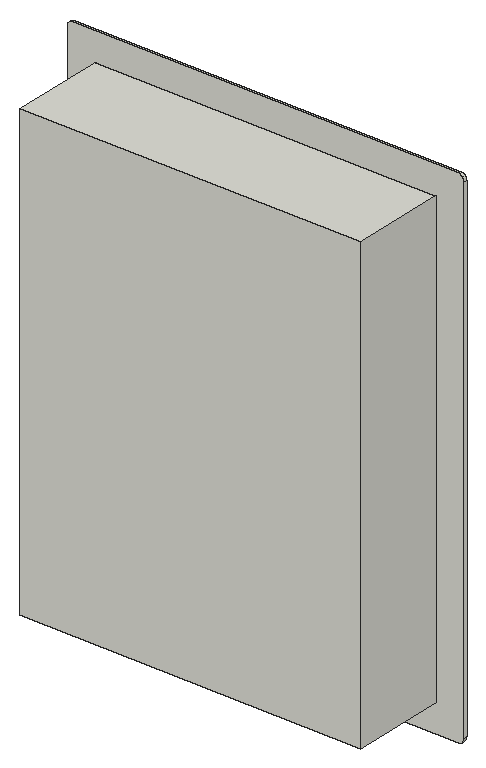
Revit family "Electrical-Box_FSR_OWB-X3_FlushMount", category Electrical Fixtures, host Wall, Revit 2026
Family settings
  Host = Wall
  Round Connector Dimension = Use Diameter
  Part Type = Normal
  Classification Number = 23.85.10.17.11
  Always vertical = Yes
  Cut with Voids When Loaded = No
  Maintain Annotation Orientation = No
  Shared = No
  Room Calculation Point = No
Parameters (values of type "OWB-X3-FM-PLT")
  Warranty Duration (Years) = 0
  URL = "http://www.fsrinc.com/"
  Trim Material = Material and Finish as Specified in 26 27 26
  Send Message = ""
  Keynote = "26 27 26"
  Internal Plate Type = Internal Plate : Blank Plate
  Glazing = Translucent Plastic
  Test Data = "ftp://doclib.fsrinc.com/"
  Specification = "http://www.arcat.com/specwizard/clients/fsrinc.html?coid=40389"
  Sales Information = "http://www.fsrinc.com/salesContacts.htm"
  Product Properties = ""
  Product Data = "http://www.arcat.com/arcatcos/cos40/arc40389.html"
  Model = "As Specified in 26 27 26"
  Description = "Electrical Box as Specified in 26 27 26"
  Default Elevation = 0"
  Cover Material = Material and Finish as Specified in 26 27 26
  Manufacturer Website = "http://www.fsrinc.com/"
  Manufacturer Phone - Toll Free = "800-332-3771"
  Manufacturer Phone = "973-785-4347"
  Manufacturer Fax = "973-785-4207"
  Manufacturer Address = "244 Bergen Blvd; West Paterson; NJ 07424"
  Manufacturer = "FSR Inc."
  Maintenance Schedule (Months) = 0
  Installation-Fabrication = "ftp://doclib.fsrinc.com/"
  Installation Phase = ""
  Gross Width = 15"
  Gross Projection = 1 171/256"
  Gross Height = 20"
  Gross Depth = 5 53/64"
  Green Building-LEED = "http://www.arcat.com/green/clients04/leed_data_40389.html"
  Expected Lifespan (Years) = 0
  Drawn By = "Robert S. Weygant, CSI, CDT, SCIP"  # constant formula
  Copyright = "2009, ARCAT, Inc."  # constant formula
  Construction Details = "ftp://doclib.fsrinc.com/"
  Connections = ""
  Building Codes = "ftp://doclib.fsrinc.com/"
  Body Material = Material and Finish as Specified in 26 27 26
  Assembly Code = "D5020100"
Types (5): name | Internal Plate Type
  OWB-X3-FM-PLT | Internal Plate : Blank Plate
  OWB-X3-FM-XLR | Internal Plate : (32) XLR Holes
  OWB-X3-FM-IPS | Internal Plate : (36) IPS Slots
  OWB-X3-FM-GNG | Internal Plate : (3) 2 Gang & (1) 4 Gang Openings
  OWB-X3-FM | Internal Plate : None
Reference planes (in)
  plane 1: y = 0
  plane 2 "Center (Left/Right)": x = -2.8282
  plane 3 "Wall Edge": y = 3
  plane 4 "Top": z = 82.67717
  plane 5: z = 62.67717
  plane 6 "Left": x = 4.6718
  plane 7 "Right": x = -10.3282
  plane 8: z = 72.67717
  plane 9: y = 4.66797
  plane 10: y = 3
  plane 11: y = -1.16016
Forms (in)
  Extrusion 1, void
    sketch origin (0, 3, 0) x (1, 0, 0) y (0, 0, 1)
      loop
        line (4.6718, 82.67717) -> (-10.3282, 82.67717) -> (-10.3282, 62.67717) -> (4.6718, 62.67717) -> (4.6718, 82.67717)
    from -1.66797 to 4.16016 <- "Gross Depth"
Text (in)
  text "Interior" at (0, 40.15149, 123.01588), in view "A 203 - Side Elevation"
  text "Interior" at (-70.3804, 41.28885, 0), in view "A-101 Plan View"
  text "Interior" at (0, 81.62555, 140.59947), in view "Left"
  text "Exterior" at (-70.3804, -27.04218, 0), in view "A-101 Plan View"
  text "Exterior" at (0, -34.75086, 140.59947), in view "Left"
  text "Exterior" at (0, -52.24725, 123.01588), in view "A 203 - Side Elevation"
Dimensions and locks (in)
  locked: plane 3 "Wall Edge" to host wall
  equal spacing: plane 5, plane 8, plane 4 "Top"
  equal spacing: plane 7 "Right", plane 2 "Center (Left/Right)", plane 6 "Left"
  "Gross Width": plane 7 "Right" to plane 6 "Left"
  "Gross Height": plane 5 to plane 4 "Top"
  "Gross Projection": plane 9 to plane 10
  locked: plane 11 to plane 10 at 4.16016
  locked: plane 9 to nested 1 at 1
  aligned and locked: plane 3 "Wall Edge" to plane 10
  aligned and locked: plane 6 "Left" to Extrusion 1 sketch curve
  aligned and locked: plane 4 "Top" to Extrusion 1 sketch curve
  aligned and locked: plane 5 to Extrusion 1 sketch curve
  aligned and locked: Extrusion 1 sketch curve to plane 7 "Right"
  aligned and locked: nested 1 to plane 2 "Center (Left/Right)"
  aligned and locked: plane 8 to nested 1
  aligned and locked: Extrusion 1 to plane 11
  aligned and locked: plane 9 to Extrusion 1
Nested families (in)
  nested 1: "OWB-X3_Box" at (-2.8282, 3.91797, 72.67717) x (-1, 0, 0) z (0, 0, 1), type "Flush Mount"
Definition of nested family "OWB-X3_Box"
  Parameters
    Trim = none
    Default Elevation = 0"
    Cover Material = none
    Width = 15"
    Height = 20"
    Flush Mount = yes
    Depth = 5 53/64"
    Back Box Material = none
    Assembly Code = ""
  Reference planes (in)
    plane 1 "Center (Front/Back)": y = 0.25
    plane 2 "Center (Elevation)": z = 0
    plane 3 "Center (Left/Right)": x = 0
    plane 4: y = 5.07812
    plane 5: x = -7.5
    plane 6: x = 7.5
    plane 7: z = 10
    plane 8: z = -10
    plane 9 "Face": y = -0.75
    plane 10 "Trim": y = 0.91812
  Forms (in)
    Extrusion 1, solid, material <- "Back Box Material"
      sketch origin (-15.18294, 5.07812, 48) x (-1, 0, 0) y (0, 0, 1)
        loop
          line (-7.68294, -38) -> (-22.68294, -38) -> (-22.68294, -58) -> (-7.68294, -58) -> (-7.68294, -38)
      from 0 to -0.25
    Extrusion 2, solid, material <- "Cover Material"
      sketch origin (0, 0.25, 0) x (1, 0, 0) y (0, 0, 1)
        loop
          line (-7.5, 10) -> (-7.5, -10) -> (7.5, -10) -> (7.5, 10) -> (-7.5, 10)
        loop
          line (-7.375, 9.875) -> (-7.375, -9.875) -> (7.375, -9.875) -> (7.375, 9.875) -> (-7.375, 9.875)
      from 0 to 1
    Extrusion 3, solid, material <- "Cover Material"
      sketch origin (-5.6543, -0.75, 48) x (-1, 0, 0) y (0, 0, 1)
        loop
          line (1.8457, -38) -> (-13.1543, -38) -> (-13.1543, -58) -> (1.8457, -58) -> (1.8457, -38)
      from 0 to 0.25
    Sweep 4, solid, material <- "Back Box Material"
      path in 3D
        loop
          line (-7.5, 4.82812, 10) -> (-7.5, 4.82812, -10) -> (7.5, 4.82812, -10) -> (7.5, 4.82812, 10) -> (-7.5, 4.82812, 10)
      profile origin (0, 4.82812, 10) x (0, -1, 0) y (0, 0, 1)
        loop
          line (0, 0) -> (0, -0.125) -> (4.125, -0.125) -> (4.125, -0.375) -> (5.07812, -0.375) -> (5.07812, -0.25) -> (4.25, -0.25) -> (4.25, 0) -> (0, 0)
    Extrusion 5, solid, material <- "Trim", visible <- "Flush Mount"
      sketch origin (0, 0.91812, 0) x (-1, 0, 0) y (0, 0, 1)
        loop
          line (7.5, 10) -> (-7.5, 10) -> (-7.5, -10) -> (7.5, -10) -> (7.5, 10)
        loop
          line (8.5, 11.25) -> (-8.5, 11.25)
          arc (-8.5, 11.25) -> (-8.67678, 11.17678) -> (-8.75, 11) r 0.25
          line (-8.75, 11) -> (-8.75, -11)
          arc (-8.75, -11) -> (-8.67678, -11.17678) -> (-8.5, -11.25) r 0.25
          line (-8.5, -11.25) -> (8.5, -11.25)
          arc (8.5, -11.25) -> (8.67678, -11.17678) -> (8.75, -11) r 0.25
          line (8.75, -11) -> (8.75, 11)
          arc (8.75, 11) -> (8.67678, 11.17678) -> (8.5, 11.25) r 0.25
      from 0 to -0.125
  Cuts and joins
    joined: Extrusion 2, Extrusion 3
    joined: Extrusion 1, Sweep 4
  Lines and regions (in)
    sketch lines
      curve 1: line (7.5, 4.82812, 10) -> (-7.5, 4.82812, 10)
      curve 2: line (7.5, 4.82812, -10) -> (7.5, 4.82812, 10)
      curve 3: line (-7.5, 4.82812, -10) -> (7.5, 4.82812, -10)
      curve 4: line (-7.5, 4.82812, 10) -> (-7.5, 4.82812, -10)
    model lines, detail levels medium+fine
      curve 5: line (-4, -0.75, -10) -> (-4, -0.75, -5.25)
      curve 6: line (-4, -0.75, -5.25) -> (4, -0.75, -5.25)
      curve 7: line (4, -0.75, -5.25) -> (4, -0.75, -10)
  Dimensions and locks (in)
    equal spacing: plane 5, plane 3 "Center (Left/Right)", plane 6
    "Width": plane 5 to plane 6
    "Depth": plane 9 "Face" to plane 4
    equal spacing: plane 7, level, plane 8
    "Height": plane 7 to plane 8
    plane 1 "Center (Front/Back)" to plane 9 "Face" = 1"
    locked: plane 6 to nested 1 at 2.75
    locked: plane 6 to curve 7 at 3.5
    locked: curve 5 to plane 5 at 3.5
    locked: curve 6 to plane 8 at 4.75
    locked: plane 4 to plane 10 "Trim" at 4.16
    Sweep 4 sketch curve to Sweep 4 sketch curve to plane 1 "Center (Front/Back)" to Sweep 4 sketch curve = 1/8" locked, 21/64" locked, 1/2" locked
    aligned and locked: level to nested 1
    aligned and locked: plane 9 "Face" to nested 1
    aligned and locked: Extrusion 2 to plane 9 "Face"
  Automatic sketch dimensions
    Extrusion 1 sketch curve to plane 6 = 0"
    Extrusion 1 sketch curve to plane 5 = 0"
    Extrusion 1 sketch curve to plane 8 = 0"
    Extrusion 1 sketch curve to plane 7 = 0"
    Extrusion 2 sketch curve to plane 5 = 0"
    plane 6 to Extrusion 2 sketch curve = 0"
    plane 7 to Extrusion 2 sketch curve = 0"
    Extrusion 2 sketch curve to plane 8 = 0"
    Extrusion 2 sketch curve to plane 6 = 1/8"
    Extrusion 2 sketch curve to plane 7 = 1/8"
    plane 5 to Extrusion 2 sketch curve = 1/8"
    plane 8 to Extrusion 2 sketch curve = 1/8"
    Extrusion 3 sketch curve to plane 6 = 0"
    Extrusion 3 sketch curve to plane 5 = 0"
    Extrusion 3 sketch curve to plane 8 = 0"
    Extrusion 3 sketch curve to plane 7 = 0"
    curve 7 to plane 8 = 0"
    curve 5 to plane 8 = 0"
    Extrusion 5 sketch curve to plane 6 = 0"
    Extrusion 5 sketch curve to plane 5 = 0"
    Extrusion 5 sketch curve to plane 8 = 0"
    Extrusion 5 sketch curve to plane 7 = 0"
    plane 6 to Extrusion 5 sketch curve = 1"  (x2)
    Extrusion 5 sketch curve to Extrusion 5 sketch curve = 1/4"  (x2)
    Extrusion 5 sketch curve to plane 5 = 1"  (x2)
    Extrusion 5 sketch curve to plane 8 = 1"
    plane 7 to Extrusion 5 sketch curve = 1"
    Sweep 4 sketch curve to profile plane = 0"  (x2)
    Sweep 4 sketch curve to profile plane = 3/8"
    Sweep 4 sketch curve to Sweep 4 sketch curve = 1/8"
    Sweep 4 sketch curve to profile plane = 1/8"
  Nested families (in)
    nested 1: "OWB_Handle" at (4.75, -0.75, 0) x (-1, 0, 0) z (0, 0, 1), type "OWB_Handle", detail levels medium+fine
  Definition of nested family "OWB_Handle"
    Parameters
      Material = none
      Default Elevation = 0"
    Reference planes (in)
      plane 1 "Center (Front/Back)": y = 0
      plane 2 "Center (Elevation)": z = 0
      plane 3 "Center (Left/Right)": x = 0
    Forms (in)
      Revolve 1, solid, material <- "Material"
        sketch origin (0, 0, 0) x (0, 1, 0) y (0, 0, 1)
          loop
            line (0.603, 0) -> (0.603, 0.1908)
            arc (0.603, 0.1908) -> (0.56929, 0.27468) -> (0.48692, 0.31191) r 0.12122
            line (0.48692, 0.31191) -> (0.142, 0.32655) -> (0.142, 0.358) -> (0.064, 0.436) -> (0, 0.436) -> (0, 0) -> (0.603, 0)
          axis (0.603, 0) -> (0, 0)
        angle from 0 to 360
      Extrusion 2, solid, material <- "Material"
        sketch origin (0, 0, 0) x (0, 1, 0) y (0, 0, 1)
          loop
            line (0.167, 0.38659) -> (0.167, -0.38659) -> (0.072, -0.48159) -> (0.072, -0.60588) -> (0.5782, -0.42164) -> (0.5782, 0.42164) -> (0.072, 0.60588) -> (0.072, 0.48159) -> (0.167, 0.38659)
        from 0.0625 to -0.0625
    Cuts and joins
      joined: Revolve 1, Extrusion 2
